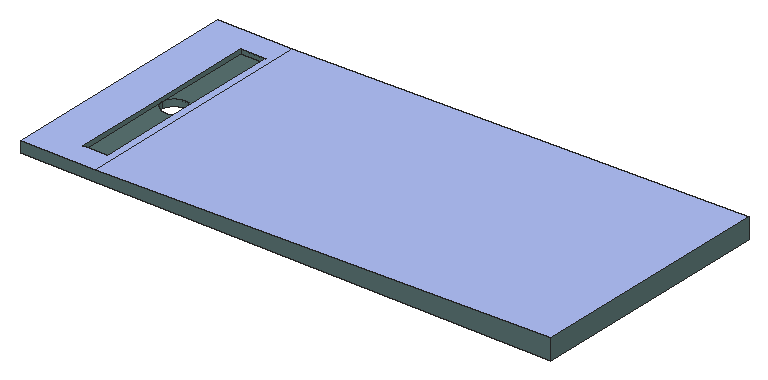
Revit family "ShowerBase_ProBaseII_NobleCompany", category Specialty Equipment, host Face, Revit 2018
Family settings
  Host = Face
  Round Connector Dimension = Use Diameter
  Part Type = Normal
  OmniClass Number = 23.35.50.11.21
  OmniClass Title = Floor Base and Accessories
  Cut with Voids When Loaded = No
  Shared = No
  Room Calculation Point = No
Parameters (values of type "32x60 Offset Drain")
  Width = 64 1/2"
  URL = "www.noblecompany.com"
  Type Comments = ""
  Tile Finish [instance] = Tile as Specified
  Product Properties = "http://www.noblecompany.com/Portals/0/PRODUCT%20INFO/Product%20Descriptions/FreeStyle%20Linear%20Drain%20Product%20Decription%200410.pdf"
  Product Data = "http://www.noblecompany.com/Products/ShowerProducts/tabid/59/Default.aspx"
  Model = "Pro Base II 3260"
  Manufacturer Phone - Toll Free = "800-878-5788"
  Manufacturer Phone = "231-799-8000"
  Manufacturer Fax = "231-799-8850"
  Manufacturer Email = "mailto:sales@noblecompany.com"
  Manufacturer Address = "7300 Enterprise Drive, Spring Lake, MI  49456 USA"
  Manufacturer = "Noble Company"
  Keynote = "09 30 13.A3"
  Hang = 1/8"
  Flush to Wall = no
  Drawn By = "Sumex Design / Robert S. Weygant"
  DrainLoc = 6 3/4"
  Drain Width = 4 1/2"
  Drain Length = 24"
  Drain Hole Diameter = 3"
  Depth = 32"
  Installation-Fabrication = "http://www.noblecompany.com/Portals/0/PRODUCT%20INFO/Product%20Descriptions/FreeStyle%20Linear%20Drain%20Product%20Decription%200410.pdf"
  Height = 2.467"
  Description = "Noble Pro Base II Shower Base Kit"
  Cut_Side B [instance] = 1"
  Cut_Side A [instance] = 1"
  Cut_Head = if((Flush to Wall), 4 1/2", 0")  # 0"
  Cut_End [instance] = 0"
  Copyright = "(c) 2018 ARCAT, Inc."
  Building Codes = "http://www.noblecompany.com/Portals/0/TECHNICAL%20INFO/Listing_Testing_Certification_Reports/PMG-1065%20Noble%20Company%20Linear%20Drain%20final%202.pdf"
  Base = Polypropylene - High Strength
  Assembly Code = "D2030300"
  Default Elevation = 0"
Types (4): name | Model | Flush to Wall | Drain Length | Depth | Cut_Head
  32x60 Flush to Wall | "Pro Base II 3260" | yes | 24" | 32" | 4 1/2"
  32x60 Offset Drain | "Pro Base II 3260" | no | 24" | 32" | 0"
  64x64 Flush to Wall | "Pro Base II 6464" | yes | 60" | 64" | 4 1/2"
  64x64 Offset Drain | "Pro Base II 6464" | no | 60" | 64" | 0"
Reference planes (in)
  plane 1 "Center (Front/Back)": y = 0
  plane 2: z = 0
  plane 3 "Center (Left/Right)": x = 0
  plane 4: x = 32.25
  plane 5: y = 16
  plane 6: z = 2.467
  plane 7: y = 15
  plane 8: x = 32.25
  plane 9 "TO Board": z = 1.25
  plane 10: x = -32.25
  plane 11: x = -32.25
  plane 12: y = -16
  plane 13: y = -15
  plane 14 "Drain CL": x = -25.5
  plane 15: x = -27.75
  plane 16: x = -23.25
  plane 17 "Drain Recess": z = 0.75
  plane 18: y = 12
  plane 19: y = -12
Forms (in)
  Extrusion 1, solid, material "Polypropylene - High Strength" <- "Base"
    sketch origin (0, 0, 0) x (1, 0, 0) y (0, 1, 0)
      loop
        line (-32.25, 16) -> (-32.25, -16) -> (32.25, -16) -> (32.25, 16) -> (-32.25, 16)
      loop
        circle (-25.5, 0) r 1.5
    from 0 to 2.467
  Extrusion 2, void
    sketch origin (0, 0, 0) x (1, 0, 0) y (0, 1, 0)
      loop
        line (-32.25, 15) -> (-32.25, -15) -> (32.25, -15) -> (32.25, 15) -> (-32.25, 15)
      loop
        line (-32.375, 16.125) -> (-32.375, -16.125) -> (32.375, -16.125) -> (32.375, 16.125) -> (-32.375, 16.125)
    from 0 to 2.467
  Extrusion 3, void
    sketch origin (0, 0, 0) x (1, 0, 0) y (0, 0, 1)
      loop
        line (32.25, 2.467) -> (-32.25, 2.467) -> (-32.25, 1.25) -> (-23.25, 1.25) -> (32.25, 2.467)
    from -16 to 16
  Extrusion 4, void
    sketch origin (0, 0, 0.75) x (-1, 0, 0) y (0, -1, 0)
      loop
        line (27, -12) -> (27, 12) -> (24, 12) -> (24, -12) -> (27, -12)
    from 0 to 1.717
Cuts and joins
  Extrusion 2, Extrusion 3, Extrusion 4 cuts Extrusion 1
Dimensions and locks (in)
  "Height": plane 6 to level
  "Width": plane 10 to plane 4
  "Depth": plane 5 to plane 12
  "Cut_Side A": plane 5 to plane 7
  "Cut_End": plane 8 to plane 4
  "Hang": plane 4 to Extrusion 2 sketch curve
  "Hang": Extrusion 2 sketch curve to plane 5
  locked: plane 9 "TO Board" to level at 1.25
  "Cut_Head": plane 10 to plane 11
  "Cut_Side B": plane 13 to plane 12
  "Hang": Extrusion 2 sketch curve to plane 10
  "Hang": plane 12 to Extrusion 2 sketch curve
  equal spacing: plane 10, plane 3 "Center (Left/Right)", plane 4
  equal spacing: plane 5, plane 1 "Center (Front/Back)", plane 12
  "DrainLoc": plane 10 to plane 14 "Drain CL"
  "Drain Width": plane 16 to plane 15
  equal spacing: plane 16, plane 14 "Drain CL", plane 15
  locked: plane 9 "TO Board" to plane 17 "Drain Recess" at 0.5
  equal spacing: plane 18, plane 1 "Center (Front/Back)", plane 19
  "Drain Length": plane 18 to plane 19
  locked: Extrusion 4 sketch curve to Extrusion 4 sketch curve at 3
  locked: plane 15 to Extrusion 4 sketch curve at 0.75
  "Drain Hole Diameter": diameter of Extrusion 1 sketch curve
  aligned and locked: plane 2 to host face
  aligned and locked: level to host face
  aligned and locked: Extrusion 1 sketch curve to plane 5
  aligned and locked: Extrusion 1 sketch curve to plane 4
  aligned and locked: plane 6 to Extrusion 1
  aligned and locked: Extrusion 2 sketch curve to plane 7
  aligned and locked: Extrusion 2 sketch curve to plane 8
  aligned and locked: plane 6 to Extrusion 2
  aligned and locked: plane 10 to Extrusion 1 sketch curve
  aligned and locked: plane 12 to Extrusion 1 sketch curve
  aligned and locked: plane 11 to Extrusion 2 sketch curve
  aligned and locked: plane 13 to Extrusion 2 sketch curve
  aligned and locked: plane 1 "Center (Front/Back)" to Extrusion 1 sketch curve
  aligned and locked: plane 14 "Drain CL" to Extrusion 1 sketch curve
  aligned and locked: plane 10 to Extrusion 3 sketch curve
  aligned and locked: Extrusion 3 sketch curve to plane 6
  aligned and locked: plane 9 "TO Board" to Extrusion 3 sketch curve
  aligned and locked: plane 4 to Extrusion 3 sketch curve
  aligned and locked: Extrusion 1 to Extrusion 3
  aligned and locked: plane 5 to Extrusion 3
  aligned and locked: Extrusion 4 sketch curve to plane 18
  aligned and locked: plane 19 to Extrusion 4 sketch curve
  aligned and locked: plane 6 to Extrusion 4
Automatic sketch dimensions
  host sketch curve to host sketch curve = 86.64016"
  host sketch curve to host sketch curve = 73.80345"
  Extrusion 3 sketch curve to plane 16 = 0"
